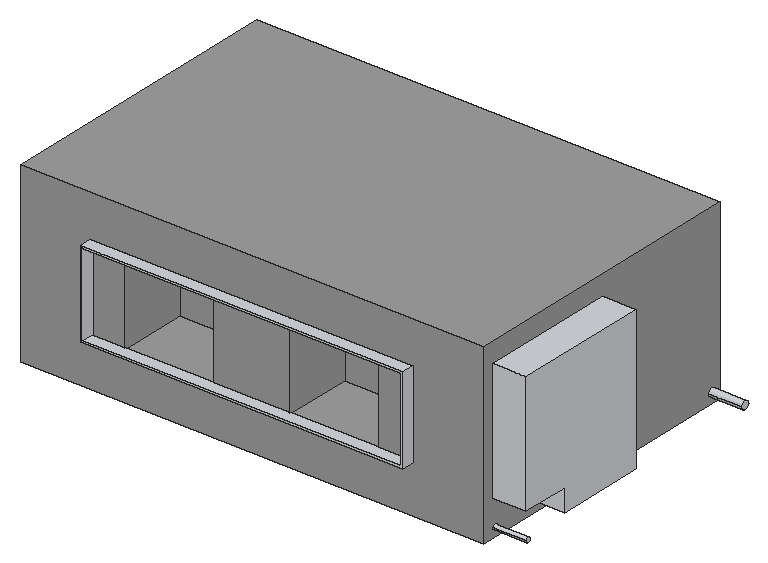
Revit family "Midea_VRF_Indoor_MI2-200(250,280)FADHN1(50Hz-60Hz)", category Equipamento mecânico, Revit 2019
Family settings
  Cota do conector redondo = Utilizar diâmetro
  Tipo de parte = Normal
  Número OmniClass = 23.75.00.00
  Título OmniClass = Climate Control (HVAC)
  Com base no plano de trabalho = Não
  Sempre na vertical = Sim
  Corte com vazios quando carregada = Não
  Compartilhado = Não
  Ponto de cálculo do ambiente = Não
Parameters (values of type "4TVF0095EF000AA")
  clearance access right = 600.000 mm
  clearance access left = 600.000 mm
  clearance access front = 500.000 mm
  clearance access behind = 600.000 mm
  clearance [instance] = no
  Width = 1454.000 mm
  URL = "https://www.trane.com/commercial/latin-america/br/pt.html"
  Series = "Ultra"
  Power supply = "220-240V ~50/60Hz"
  Net Weight = 130.00 kg
  Modelo = "4TVF0095EF000AA"
  Minimum Circuit Amps = 5.2 A
  Maximum Fuse Amps = 15 A
  Fabricante = "Trane"
  Liquid pipe = 12.700 mm
  Installation = "Indoor installation"
  Height = 515.000 mm
  Heating Power Input = 850.000 W
  Heating Capacity = 18.00 kW
  Gas pipe = 22.200 mm
  Gas = "R410a"
  Descrição = "High efficiency air cooled"
  Depth = 931.000 mm
  Cooling Power Input = 850.000 W
  Cooling Capacity = 28.00 kW
  Condensation = "air"
  Air  Flow = "3000/2833/2667/2500/2333/2167/2000 m3/h"
Types (4, lengths in mm): name | Modelo | Heating Capacity | Cooling Capacity
  (no name) | "4TVF0095EF000AA" | 18.00 kW | 28.00 kW
  4TVF0068EF000AA | "4TVF0068EF000AA" | 12.80 kW | 20.00 kW
  4TVF0085EF000AA | "4TVF0085EF000AA" | 16.00 kW | 25.00 kW
  4TVF0095EF000AA | "4TVF0095EF000AA" | 18.00 kW | 28.00 kW
Reference planes
  plane 1 "Center (Front/Back)": y = 0
  plane 2: z = 0
  plane 3 "Center (Left/Right)": x = 0
  plane 4: z = 515
  plane 5: y = 428.927
Forms (mm)
  Extrusion 1, solid, material "Default"
    sketch origin (0, 0, 0) x (1, 0, 0) y (0, 1, 0)
      loop
        line (-677, 398.927) -> (-677, -464.5) -> (677, -464.5) -> (677, 398.927) -> (-677, 398.927)
    from 0 to 515
  Extrusion 2, void
    sketch origin (0, 0, 0) x (1, 0, 0) y (0, 0, 1)
      loop
        line (-371, 393) -> (-371, 140) -> (-111, 140) -> (-111, 393) -> (-371, 393)
      loop
        line (371, 140) -> (371, 393) -> (111, 393) -> (111, 140) -> (371, 140)
    from 265 to 464.5
  Extrusion 3, solid
    sketch origin (0, 0, 0) x (0, 1, 0) y (0, 0, 1)
      loop
        line (-434.5, 458.781) -> (-434.5, 107.208) -> (-294.5, 107.208) -> (-294.5, 41.77) -> (-34.5, 41.77) -> (-34.5, 458.781) -> (-434.5, 458.781)
    from 677 to 777
  Extrusion 4, solid
    sketch origin (0, -52.078, -232.901) x (0, 1, 0) y (0, 0, 1)
      loop
        circle (-374.345, 260.518) r 6.35
    from 677 to 777
  Extrusion 5, solid
    sketch origin (0, 740.525, -291.246) x (0, 1, 0) y (0, 0, 1)
      loop
        circle (-374.825, 323.782) r 11.1
    from 677 to 777
  Extrusion 6, solid
    sketch origin (0, 0, 0) x (1, 0, 0) y (0, 0, 1)
      loop
        line (-471, 393) -> (-471, 140) -> (471, 140) -> (471, 393) -> (-471, 393)
      loop
        line (-466, 388) -> (-466, 145) -> (466, 145) -> (466, 388) -> (-466, 388)
    from 464.5 to 502.073
  Extrusion 7, solid
    sketch origin (0, 0, 0) x (1, 0, 0) y (0, 0, 1)
      loop
        line (540, 381.77) -> (-525, 381.77) -> (-525, 41.77) -> (540, 41.77) -> (540, 381.77)
      loop
        line (535, 376.77) -> (-520, 376.77) -> (-520, 46.77) -> (535, 46.77) -> (535, 376.77)
    from -428.927 to -398.927
Cuts and joins
  Extrusion 2 cuts Extrusion 1
Dimensions and locks
  aligned and locked: level to plane 2
Connectors
  piping at (777, -426.423, 27.617), diameter 12.7
    settings: on Extrusion 4, index 2, connector inside diameter 1/2", connector length 0.000 mm, flow factor 0, pipe flow 0 GPM, pressure drop 0.00 psi, fitting loss kfactor 0, connector angle 0.00°, fixture units 0, engagement length 0.000 mm, angle of deflection 0.00°, flow configuration 0, flow direction 0, fitting loss method 0, system type 29, joint type 0, gender type 0, connector reference index -1, connector utility 0, adjustable connector no, is connector primary yes, connector description "Liquid pipe"
  piping at (777, 365.7, 32.536), diameter 22.2
    settings: on Extrusion 5, index 3, connector inside diameter 0.87402", connector length 0.000 mm, flow factor 0, pipe flow 0 GPM, pressure drop 0.00 psi, fitting loss kfactor 0, connector angle 0.00°, fixture units 0, engagement length 0.000 mm, angle of deflection 0.00°, flow configuration 0, flow direction 0, fitting loss method 0, system type 29, joint type 0, gender type 0, connector reference index -1, connector utility 0, adjustable connector no, is connector primary no, connector description "Gas pipe"
  hvac at (0, -502.073, 266.5)
    settings: on Extrusion 6, index 4, duct flow 0.00 m³/h, flow factor 0, pres drop 0.00 in-wg, loss coef 0, conn angle 0.00°, conn width 36.69291", conn height 9.56693", conn diameter 24", duct sys type 1, conn prof type 1, flow config 0, flow direction 0, loss method 0, conn ref index -1, conn util no, is conn primary yes, conn desc ""
  hvac at (7.5, 428.927, 211.77)
    settings: on Extrusion 7, index 5, duct flow 0.00 m³/h, flow factor 0, pres drop 0.00 in-wg, loss coef 0, conn angle 0.00°, conn width 41.53543", conn height 12.99213", conn diameter 24", duct sys type 1, conn prof type 1, flow config 0, flow direction 0, loss method 0, conn ref index -1, conn util no, is conn primary no, conn desc ""
  electrical at (777, -254.5, 202.586)
    settings: on Extrusion 3, index 6, voltage 220 V, apparent load 0 VA, apparent load phase1 0 VA, apparent load phase2 0 VA, apparent load phase3 0 VA, power factor 1, load classification "Other", number of poles 1, system type 30, power factor state 1, is connector primary yes, connector utility no, sub classification motor no, connector description ""
